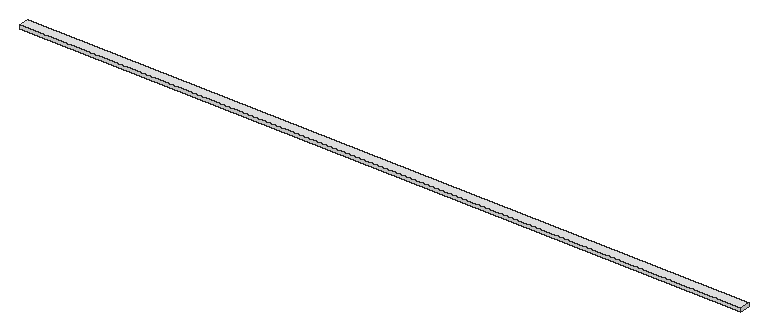
Revit family "Lighting-Linear-Acclaim-Flex One SO Interior", category Lighting Fixtures, host Face, Revit 2015
Parameters (values of type "Flex One SO Interior")
  Width = 0' - 0 15/32"
  Voltage = 0 V
  URL = "http://www.acclaimlighting.com/"
  Power Factor = 1
  Number of Poles = 1
  Model = "Flex One SO Interior"
  Manufacturer = "Acclaim Lighting"
  Length = 3' - 0"
  Lamp = "LED"
  Housing Finish = Aluminum
  Height = 0' - 0 23/128"
  Description = "Linear Graze Lighting"
  Default Elevation = 4' - 0"
  Apparent Load = 0 VA
Reference planes (in)
  plane 1 "Center (Front/Back)": y = 0
  plane 2: z = 0
  plane 3 "Center (Left/Right)": x = 0
  plane 4: x = -18
  plane 5: x = 18
  plane 6: x = -2.86874
  plane 7: x = -2.08749
  plane 8: x = 2.06876
  plane 9: x = 2.85001
  plane 10: z = 0.17969
  plane 11: y = 0.23437
  plane 12: y = -0.23438
Forms (in)
  Extrusion 1, solid, material "Aluminum"
    sketch origin (0, 0, 0) x (1, 0, 0) y (0, 1, 0)
      loop
        line (-18, 0.23437) -> (-18, -0.23438) -> (18, -0.23438) -> (18, 0.23437) -> (-18, 0.23437)
    from 0 to 0.17969
Dimensions and locks (in)
  equal spacing: plane 5, plane 3 "Center (Left/Right)", plane 4
  "Length": plane 5 to plane 4
  equal spacing: plane 11, plane 1 "Center (Front/Back)", plane 12
  "Width": plane 11 to plane 12
  equal spacing: plane 4, plane 3 "Center (Left/Right)", plane 5
  plane 4 to plane 5 = 3' - 0"
  "Height": plane 10 to host face
  aligned and locked: plane 2 to host face
  aligned and locked: level to host face
  aligned and locked: plane 5 to Extrusion 1
  aligned and locked: Extrusion 1 to plane 4
  aligned and locked: plane 10 to Extrusion 1
Automatic sketch dimensions
  host sketch curve to host sketch curve = 8' - 0"  (x2)
  plane 12 to Extrusion 1 sketch curve = 0' - 0"
  plane 11 to Extrusion 1 sketch curve = 0' - 0"
  Extrusion 1 sketch curve to plane 6 = 1' - 3.13126"
  plane 9 to Extrusion 1 sketch curve = 1' - 3.14999"
